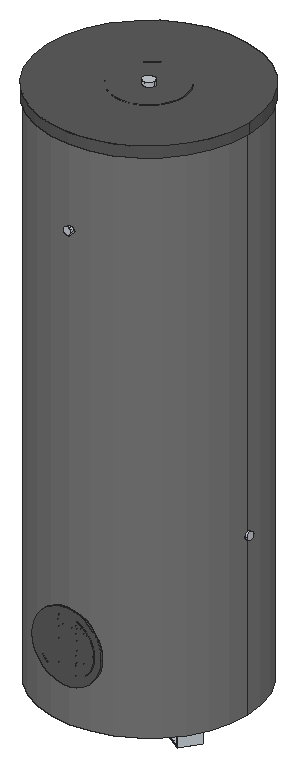
Revit family "Бойлер косвенного нагрева_STEEL Coil Tube FBS-B_FedericaBugatti_R20", category Оборудование, Revit 2020
Family settings
  Размер круглого соединителя = Использовать диаметр
  Классификация = Нет
  Тип детали = Нормальный
  На основе рабочей плоскости = Нет
  Всегда вертикально = Да
  При загрузке вырезать с полостями = Нет
  Общий = Нет
  Точка расчета площади = Да
Parameters (values of type "FBS-B_250")
  УказательТемпературы_Высота = 1327 mm
  Патрубки_Высота = 10 mm  # constant formula
  Отметка по умолчанию = 0 mm
  Номинальный_Объем = 250
  Материал_Термометр = ADSK_Полимеры_Пластик белый
  Материал_Патрубки = ADSK_Металл_Сталь нержавеющая
  Материал_Ножки = ADSK_Металл_Сталь оцинкованная
  Материал_ВнешняяСтенка = ADSK_Полимеры_Пластик черный
  Материал_КорпусВерх = ADSK_Металл_Окрашенный_Черный темный
  Корпус_Диаметр2 = ADSK_Размер_ДиаметрИзделия - 6 mm  # 579 mm
  Корпус_Диаметр = Корпус_Диаметр2 - 10 mm  # 569 mm
  ДатчикТемпературы_Видимость [instance] = no
  L5 = 1325 mm
  L4 = 1225 mm
  L3 = 925 mm
  L2 = 625 mm
  L1 = 175 mm  # constant formula
  ADSK_Расход жидкости [instance] = 0.0 L/s
  ADSK_Размер_ДиаметрИзделия = 585 mm  # constant formula
  ADSK_Размер_Диаметр = 20 mm  # constant formula
  ADSK_Размер_Высота = 1590 mm
  ADSK_Примечание [instance] = ""
  ADSK_Полная мощность = ADSK_Номинальная мощность / ADSK_Коэффициент мощности  # 29000 VA
  ADSK_Позиция [instance] = ""
  ADSK_Обозначение = ""
  ADSK_Номинальная мощность = 29000 W
  ADSK_Напряжение = 230 V  # constant formula
  ADSK_Наименование = "Бойлер косвенного нагрева STEEL Coil Tube FBS-B 250"
  ADSK_Масса_Текст = "60"
  ADSK_Масса = 60
  ADSK_Марка = "Steel Coil Tube FBS-B 250"
  ADSK_Коэффициент мощности = 1  # constant formula
  ADSK_Количество фаз = 1
  ADSK_Количество = 1  # constant formula
  ADSK_Код изделия = ""
  ADSK_Классификация нагрузок = Прочее
  ADSK_Завод-изготовитель = "Federica Bugatti"  # constant formula
  ADSK_Единица измерения = "шт"  # constant formula
Types (4, lengths in mm): name | УказательТемпературы_Высота | Номинальный_Объем | ДатчикТемпературы_Видимость | L5 | L4 | L3 | L2 | ADSK_Размер_Высота | ADSK_Полная мощность | ADSK_Номинальная мощность | ADSK_Наименование | ADSK_Масса_Текст | ADSK_Масса | ADSK_Марка
  (no name) | 1327 | 250 | no | 1325 | 1225 | 925 | 625 | 1590 | 29000 VA | 29000 W | "Бойлер косвенного нагрева STEEL Coil Tube FBS-B 250" | "60" | 60 | "Steel Coil Tube FBS-B 250"
  FBS-B_150 | 797 | 150 | yes | 775 | 675 | 475 | 275 | 1040 | 17000 VA | 17000 W | "Бойлер косвенного нагрева STEEL Coil Tube FBS-B 150" | "45" | 45 | "Steel Coil Tube FBS-B 150"
  FBS-B_200 | 1077 | 200 | yes | 1075 | 975 | 715 | 455 | 1340 | 29000 VA | 29000 W | "Бойлер косвенного нагрева STEEL Coil Tube FBS-B 200" | "49" | 49 | "Steel Coil Tube FBS-B 200"
  FBS-B_250 | 1327 | 250 | no | 1325 | 1225 | 925 | 625 | 1590 | 29000 VA | 29000 W | "Бойлер косвенного нагрева STEEL Coil Tube FBS-B 250" | "60" | 60 | "Steel Coil Tube FBS-B 250"
Reference planes
  plane 1 "По центру (Вперед/Назад)": y = 0
  plane 2: z = 0
  plane 3 "По центру (Влево/Вправо)": x = 0
  plane 4: x = -292.5
  plane 5: x = 292.5
  plane 6: y = 292.5
  plane 7: y = -293.5
  plane 8: z = 1580
  plane 9: z = 1550
  plane 10: z = 1590
  plane 11: z = 1575
  plane 12: y = 259.5
  plane 13: y = 234.5
  plane 14: z = 50
  plane 15: z = 150
  plane 16: y = 284.5
  plane 17: y = -284.5
  plane 18: z = 795
  plane 19: z = 1415
  plane 20: z = 265
  plane 21: z = 965
  plane 22: z = 665
  plane 23: z = 365
  plane 24: y = -237.5
  plane 25: y = -296.5
  plane 26: x = 282.5
  plane 27: y = -292.5
  plane 28: y = -296.5
  plane 29: z = 1327
  plane 30: z = 257
  plane 31: z = 515
Forms (mm)
  Extrusion 1, solid, material "ADSK_Полимеры_Пластик черный" <- "Материал_ВнешняяСтенка"
    sketch origin (0, 0, 0) x (1, 0, 0) y (0, 1, 0)
      loop
        circle (0, 0) r 284.5
    from 50 to 1550
  Extrusion 2, solid, material "ADSK_Металл_Окрашенный_Черный темный" <- "Материал_КорпусВерх"
    sketch origin (0, 0, 0) x (1, 0, 0) y (0, 1, 0)
      loop
        circle (0, 0) r 289.5
    from 1550 to 1580
  Extrusion 3, solid, material "ADSK_Металл_Окрашенный_Черный темный" <- "Материал_КорпусВерх"
    sketch origin (0, 0, 0) x (1, 0, 0) y (0, 1, 0)
      loop
        circle (0, 0) r 100
    from 1575 to 1580
  Extrusion 4, solid, material "ADSK_Полимеры_Пластик черный" <- "Материал_ВнешняяСтенка"
    sketch origin (0, 0, 0) x (1, 0, 0) y (0, 0, 1)
      loop
        circle (0, 150) r 1.5
    from -284.5 to -281.5
  Extrusion 5, solid, material "ADSK_Металл_Сталь нержавеющая" <- "Материал_Патрубки"
    sketch origin (0, 0, 0) x (1, 0, 0) y (0, 1, 0)
      loop
        circle (0, 0) r 16.75
    from 795 to 1590
  Extrusion 6, solid, material "ADSK_Металл_Окрашенный_Черный темный" <- "Материал_КорпусВерх"
    sketch origin (0, 0, 0) x (1, 0, 0) y (0, 0, 1)
      loop
        circle (0, 257) r 100
    from 293.5 to 296.5
  Extrusion 7, solid, material "ADSK_Металл_Окрашенный_Черный темный" <- "Материал_КорпусВерх"
    sketch origin (0, 0, 0) x (1, 0, 0) y (0, 0, 1)
      loop
        circle (0, 257) r 80
    from 246.5 to 296.5
  Extrusion 8, solid, material "ADSK_Металл_Сталь нержавеющая" <- "Материал_Патрубки"
    sketch origin (0, 0, 0) x (1, 0, 0) y (0, 0, 1)
      loop
        circle (0, 1415) r 13.4
      loop
        circle (0, 965) r 16.75
      loop
        circle (0, 665) r 13.4
      loop
        circle (0, 365) r 16.75
      loop
        circle (0, 265) r 13.4
    from -292.5 to -259.5
  Extrusion 9, solid, material "ADSK_Металл_Сталь нержавеющая" <- "Материал_Патрубки"
    sketch origin (0, 0, 0) x (1, 0, 0) y (0, 0, 1)
      loop
        circle (0, 1327) r 10.65
    from 237.5 to 292.5
  Extrusion 10, solid, material "ADSK_Металл_Сталь оцинкованная" <- "Материал_Ножки"
    sketch origin (0, 0, 0) x (0, 1, 0) y (0, 0, 1)
      loop
        line (257.5, 5) -> (257.5, 50) -> (187.5, 50) -> (187.5, 5) -> (257.5, 5)
      loop
        line (252.5, 10) -> (252.5, 45) -> (192.5, 45) -> (192.5, 10) -> (252.5, 10)
    from -30 to 30
  Extrusion 11, solid, material "ADSK_Металл_Окрашенный_Черный темный" <- "Материал_КорпусВерх"
    sketch origin (0, 0, 0) x (1, 0, 0) y (0, 1, 0)
      loop
        circle (0, 222.5) r 25
    from 0 to 5
  Extrusion 12, solid, material "ADSK_Металл_Окрашенный_Черный темный" <- "Материал_КорпусВерх"
    sketch origin (0, 0, 0) x (1, 0, 0) y (0, 1, 0)
      loop
        circle (0, 222.5) r 5
    from 0 to 50
  Extrusion 13, solid, material "ADSK_Металл_Сталь оцинкованная" <- "Материал_Ножки"
    sketch origin (0, 0, 0) x (0.866025, -0.5, 0) y (0, 0, 1)
      loop
        line (257.5, 5) -> (257.5, 50) -> (187.5, 50) -> (187.5, 5) -> (257.5, 5)
      loop
        line (252.5, 10) -> (252.5, 45) -> (192.5, 45) -> (192.5, 10) -> (252.5, 10)
    from -30 to 30
  Extrusion 14, solid, material "ADSK_Металл_Окрашенный_Черный темный" <- "Материал_КорпусВерх"
    sketch origin (0, 0, 0) x (-0.5, -0.866025, 0) y (0.866025, -0.5, 0)
      loop
        circle (0, 222.5) r 25
    from 0 to 5
  Extrusion 15, solid, material "ADSK_Металл_Окрашенный_Черный темный" <- "Материал_КорпусВерх"
    sketch origin (0, 0, 0) x (-0.5, -0.866025, 0) y (0.866025, -0.5, 0)
      loop
        circle (0, 222.5) r 5
    from 0 to 50
  Extrusion 16, solid, material "ADSK_Металл_Сталь оцинкованная" <- "Материал_Ножки"
    sketch origin (0, 0, 0) x (-0.866025, -0.5, 0) y (0, 0, 1)
      loop
        line (257.5, 5) -> (257.5, 50) -> (187.5, 50) -> (187.5, 5) -> (257.5, 5)
      loop
        line (252.5, 10) -> (252.5, 45) -> (192.5, 45) -> (192.5, 10) -> (252.5, 10)
    from -30 to 30
  Extrusion 17, solid, material "ADSK_Металл_Окрашенный_Черный темный" <- "Материал_КорпусВерх"
    sketch origin (0, 0, 0) x (-0.5, 0.866025, 0) y (-0.866025, -0.5, 0)
      loop
        circle (0, 222.5) r 25
    from 0 to 5
  Extrusion 18, solid, material "ADSK_Металл_Окрашенный_Черный темный" <- "Материал_КорпусВерх"
    sketch origin (0, 0, 0) x (-0.5, 0.866025, 0) y (-0.866025, -0.5, 0)
      loop
        circle (0, 222.5) r 5
    from 0 to 50
  Extrusion 19, solid, material "ADSK_Металл_Окрашенный_Черный темный" <- "Материал_КорпусВерх", visible <- "ДатчикТемпературы_Видимость"
    sketch origin (0, 0, 0) x (1, 0, 0) y (0, 0, 1)
      loop
        circle (0, 1327) r 20
      loop
        circle (0, 1327) r 18
    from 292.5 to 296.5
  Extrusion 20, solid, material "ADSK_Полимеры_Пластик белый" <- "Материал_Термометр", visible <- "ДатчикТемпературы_Видимость"
    sketch origin (0, -89.275, 0) x (1, 0, 0) y (0, 0, 1)
      loop
        circle (0, 1327) r 18
    from 205.925 to 203.225
  Extrusion 21, solid, material "ADSK_Полимеры_Пластик черный" <- "Материал_ВнешняяСтенка", visible <- "ДатчикТемпературы_Видимость"
    sketch origin (0, 8, 0) x (1, 0, 0) y (0, 0, 1)
      loop
        arc (-1.402, 1328.426) -> (-0.045, 1325.001) -> (1.466, 1328.361) r 2
        line (1.466, 1328.361) -> (0, 1340.297) -> (-1.402, 1328.426)
    from 301.5 to 304.5
  Extrusion 22, solid, material "ADSK_Металл_Сталь нержавеющая" <- "Материал_Патрубки"
    sketch origin (0, 0, 0) x (1, 0, 0) y (0, 1, 0)
      loop
        circle (0, 0) r 21.15
    from 25 to 150
  Extrusion 23, solid, material "ADSK_Металл_Сталь нержавеющая" <- "Материал_Патрубки"
    sketch origin (0, 0, 0) x (0, 1, 0) y (0, 0, 1)
      loop
        circle (0, 515) r 10.65
    from 242.5 to 292.5
Dimensions and locks
  equal spacing: plane 4, plane 3 "По центру (Влево/Вправо)", plane 5
  "ADSK_Размер_ДиаметрИзделия": plane 4 to plane 5
  locked: plane 8 to plane 9 at 30
  "Патрубки_Высота": plane 10 to plane 8
  locked: plane 8 to plane 11 at 5
  plane 12 to plane 13 = 25 mm
  plane 14 to plane 2 = 50 mm
  "ADSK_Размер_Высота": plane 10 to plane 2
  locked: plane 15 to plane 14 at 100
  "Корпус_Диаметр": plane 16 to plane 17
  equal spacing: plane 16, plane 1 "По центру (Вперед/Назад)", plane 17
  equal spacing: plane 10, plane 18, plane 2
  plane 13 to plane 16 = 50 mm
  equal spacing: plane 16, plane 12, plane 13
  plane 21 to plane 22 = 300 mm
  locked: plane 26 to plane 5 at 10
  equal spacing: Extrusion 10, plane 3 "По центру (Влево/Вправо)", Extrusion 10
  locked: Extrusion 10 to Extrusion 10 at 60
  locked: Extrusion 13 to Extrusion 13 at 60
  locked: Extrusion 16 to Extrusion 16 at 60
  locked: plane 16 to Extrusion 4 at 3
  locked: plane 1 "По центру (Вперед/Назад)" to plane 6 at 292.5
  locked: plane 7 to plane 25 at 3
  plane 1 "По центру (Вперед/Назад)" to plane 25 = 296.5 mm
  locked: Extrusion 7 to plane 25 at 50
  locked: plane 27 to plane 1 "По центру (Вперед/Назад)" at 292.5
  locked: plane 27 to plane 28 at 4
  locked: plane 30 to plane 2 at 257
  "УказательТемпературы_Высота": plane 29 to plane 2
  Extrusion 21 sketch curve to plane 29 = 13.297 mm
  locked: Extrusion 22 to plane 2 at 25
  equal spacing: plane 22, plane 31, plane 23
  locked: Extrusion 23 to plane 5 at 50
  "L2": plane 10 to plane 21
  "L3": plane 10 to plane 22
  "L4": plane 10 to plane 23
  "L5": plane 10 to plane 20
  "L1": plane 10 to plane 19
  "Корпус_Диаметр": diameter of Extrusion 1 sketch curve
  "Корпус_Диаметр2": diameter of Extrusion 2 sketch curve
  diameter of Extrusion 3 sketch curve = 200 mm
  diameter of Extrusion 4 sketch curve = 3 mm
  diameter of Extrusion 5 sketch curve = 33.5 mm
  diameter of Extrusion 8 sketch curve = 26.8 mm  (x3)
  diameter of Extrusion 8 sketch curve = 33.5 mm  (x2)
  diameter of Extrusion 9 sketch curve = 21.3 mm
  diameter of Extrusion 22 sketch curve = 42.3 mm
  diameter of Extrusion 23 sketch curve = 21.3 mm
  aligned and locked: level to plane 2
  aligned and locked: plane 1 "По центру (Вперед/Назад)" to Extrusion 1 sketch curve
  aligned and locked: plane 3 "По центру (Влево/Вправо)" to Extrusion 1 sketch curve
  aligned and locked: plane 1 "По центру (Вперед/Назад)" to Extrusion 2 sketch curve
  aligned and locked: plane 3 "По центру (Влево/Вправо)" to Extrusion 2 sketch curve
  aligned and locked: Extrusion 1 to plane 9
  aligned and locked: plane 8 to Extrusion 2
  aligned and locked: plane 9 to Extrusion 2
  aligned and locked: plane 1 "По центру (Вперед/Назад)" to Extrusion 3 sketch curve
  aligned and locked: plane 3 "По центру (Влево/Вправо)" to Extrusion 3 sketch curve
  aligned and locked: plane 8 to Extrusion 3
  aligned and locked: plane 11 to Extrusion 3
  aligned and locked: plane 14 to Extrusion 1
  aligned and locked: plane 15 to Extrusion 4 sketch curve
  aligned and locked: plane 3 "По центру (Влево/Вправо)" to Extrusion 4 sketch curve
  aligned and locked: Extrusion 4 to plane 16  (x2)
  aligned and locked: plane 18 to Extrusion 5
  aligned and locked: plane 10 to Extrusion 5
  aligned and locked: plane 3 "По центру (Влево/Вправо)" to Extrusion 6 sketch curve
  aligned and locked: plane 3 "По центру (Влево/Вправо)" to Extrusion 7 sketch curve
  aligned and locked: plane 25 to Extrusion 6
  aligned and locked: plane 19 to Extrusion 8 sketch curve
  aligned and locked: plane 21 to Extrusion 8 sketch curve
  aligned and locked: plane 22 to Extrusion 8 sketch curve
  aligned and locked: plane 23 to Extrusion 8 sketch curve
  aligned and locked: plane 20 to Extrusion 8 sketch curve
  aligned and locked: plane 3 "По центру (Влево/Вправо)" to Extrusion 8 sketch curve  (x5)
  aligned and locked: plane 3 "По центру (Влево/Вправо)" to Extrusion 9 sketch curve
  aligned and locked: Extrusion 9 to plane 24
  aligned and locked: plane 12 to Extrusion 8
  aligned and locked: plane 6 to Extrusion 8
  aligned and locked: Extrusion 11 to Extrusion 10
  aligned and locked: Extrusion 11 to level
  aligned and locked: Extrusion 12 to Extrusion 1
  aligned and locked: Extrusion 12 to level
  aligned and locked: Extrusion 14 to Extrusion 13
  aligned and locked: Extrusion 17 to Extrusion 16
  aligned and locked: plane 3 "По центру (Влево/Вправо)" to Extrusion 19 sketch curve  (x2)
  aligned and locked: Extrusion 6 to plane 7
  aligned and locked: plane 25 to Extrusion 7
  aligned and locked: Extrusion 9 to Extrusion 19
  aligned and locked: plane 27 to Extrusion 19
  aligned and locked: plane 28 to Extrusion 19
  aligned and locked: plane 28 to Extrusion 21
  aligned and locked: plane 29 to Extrusion 19 sketch curve  (x2)
  aligned and locked: plane 29 to Extrusion 20 sketch curve
  aligned and locked: plane 29 to Extrusion 21 sketch curve
  aligned and locked: plane 3 "По центру (Влево/Вправо)" to Extrusion 21 sketch curve
  aligned and locked: plane 29 to Extrusion 9 sketch curve
  aligned and locked: plane 30 to Extrusion 7 sketch curve
  aligned and locked: plane 30 to Extrusion 6 sketch curve
  aligned and locked: plane 1 "По центру (Вперед/Назад)" to Extrusion 22 sketch curve
  aligned and locked: plane 3 "По центру (Влево/Вправо)" to Extrusion 22 sketch curve
  aligned and locked: plane 15 to Extrusion 22
  aligned and locked: plane 31 to Extrusion 23 sketch curve
  aligned and locked: plane 1 "По центру (Вперед/Назад)" to Extrusion 23 sketch curve
  aligned and locked: Extrusion 23 to plane 5
  aligned and locked: plane 25 to plane 28
  aligned and locked: Extrusion 20 to Extrusion 9
  aligned and locked: Extrusion 21 to plane 7
Automatic sketch dimensions
  Extrusion 10 sketch curve to Extrusion 10 sketch curve = 5 mm  (x4)
  Extrusion 10 sketch curve to Extrusion 10 sketch curve = 60 mm
  Extrusion 10 sketch curve to Extrusion 10 sketch curve = 35 mm
  Extrusion 13 sketch curve to Extrusion 13 sketch curve = 5 mm  (x4)
  Extrusion 13 sketch curve to Extrusion 13 sketch curve = 60 mm
  Extrusion 13 sketch curve to Extrusion 13 sketch curve = 35 mm
  Extrusion 16 sketch curve to Extrusion 16 sketch curve = 5 mm  (x4)
  Extrusion 16 sketch curve to Extrusion 16 sketch curve = 60 mm
  Extrusion 16 sketch curve to Extrusion 16 sketch curve = 35 mm
  plane 1 "По центру (Вперед/Назад)" to Extrusion 5 sketch curve = 0 mm
  Extrusion 5 sketch curve to plane 3 "По центру (Влево/Вправо)" = 0 mm
  Extrusion 20 sketch curve to plane 3 "По центру (Влево/Вправо)" = 0 mm
  Extrusion 21 sketch curve to plane 3 "По центру (Влево/Вправо)" = 0 mm
  Extrusion 21 sketch curve to plane 3 "По центру (Влево/Вправо)" = 1.402 mm
  plane 3 "По центру (Влево/Вправо)" to Extrusion 21 sketch curve = 1.466 mm
  Extrusion 21 sketch curve to plane 29 = 1.361 mm
  radius of Extrusion 11 sketch curve = 25 mm
  radius of Extrusion 12 sketch curve = 5 mm
  radius of Extrusion 14 sketch curve = 25 mm
  radius of Extrusion 15 sketch curve = 5 mm
  radius of Extrusion 17 sketch curve = 25 mm
  radius of Extrusion 18 sketch curve = 5 mm
  radius of Extrusion 6 sketch curve = 100 mm
  radius of Extrusion 7 sketch curve = 80 mm
  radius of Extrusion 19 sketch curve = 20 mm
  radius of Extrusion 19 sketch curve = 18 mm
  radius of Extrusion 20 sketch curve = 18 mm
Connectors
  electrical at (0, 284.5, 150), driven by "ADSK_Количество фаз", driven by "ADSK_Классификация нагрузок", driven by "ADSK_Напряжение", driven by "ADSK_Полная мощность", driven by "ADSK_Коэффициент мощности"
    settings: on Extrusion 4, index 1, voltage 230 V, apparent load 29000 VA, apparent load phase1 0 VA, apparent load phase2 0 VA, apparent load phase3 0 VA, power factor 1, load classification "Прочее", number of poles 1, system type 30, power factor state 1, is connector primary yes, connector utility no, sub classification motor no, connector description ""
  piping at (0, 292.5, 1415), diameter 20, driven by "ADSK_Расход жидкости", driven by "ADSK_Размер_Диаметр"
    settings: on Extrusion 8, index 2, connector inside diameter 609.6 mm, connector length 0 mm, flow factor 0, pipe flow 0.0 L/s, pressure drop 0.0 Pa, fitting loss kfactor 0, connector angle 0.00°, fixture units 0, engagement length 0 mm, angle of deflection 0.00°, flow configuration 0, flow direction 2, fitting loss method 0, system type 19, joint type 0, gender type 0, connector reference index 6, connector utility 0, adjustable connector no, is connector primary no, connector description "Выход ГВС"
  piping at (0, 292.5, 965), diameter 25
    settings: on Extrusion 8, index 3, connector inside diameter 609.6 mm, connector length 0 mm, flow factor 0, pipe flow 0.0 L/s, pressure drop 0.0 Pa, fitting loss kfactor 0, connector angle 0.00°, fixture units 0, engagement length 0 mm, angle of deflection 0.00°, flow configuration 0, flow direction 1, fitting loss method 0, system type 29, joint type 0, gender type 0, connector reference index 5, connector utility 0, adjustable connector no, is connector primary no, connector description "От котла"
  piping at (0, 292.5, 665), diameter 20, driven by "ADSK_Размер_Диаметр"
    settings: on Extrusion 8, index 4, connector inside diameter 609.6 mm, connector length 0 mm, flow factor 0, pipe flow 0.0 L/s, pressure drop 0.0 Pa, fitting loss kfactor 0, connector angle 0.00°, fixture units 0, engagement length 0 mm, angle of deflection 0.00°, flow configuration 0, flow direction 1, fitting loss method 0, system type 7, joint type 0, gender type 0, connector reference index -1, connector utility 0, adjustable connector no, is connector primary no, connector description "Рециркуляция"
  piping at (0, 292.5, 365), diameter 25
    settings: on Extrusion 8, index 5, connector inside diameter 609.6 mm, connector length 0 mm, flow factor 0, pipe flow 0.0 L/s, pressure drop 0.0 Pa, fitting loss kfactor 0, connector angle 0.00°, fixture units 0, engagement length 0 mm, angle of deflection 0.00°, flow configuration 0, flow direction 2, fitting loss method 0, system type 29, joint type 0, gender type 0, connector reference index 3, connector utility 0, adjustable connector no, is connector primary no, connector description "К котлу"
  piping at (0, 292.5, 265), diameter 20, driven by "ADSK_Расход жидкости", driven by "ADSK_Размер_Диаметр"
    settings: on Extrusion 8, index 6, connector inside diameter 609.6 mm, connector length 0 mm, flow factor 0, pipe flow 0.0 L/s, pressure drop 0.0 Pa, fitting loss kfactor 0, connector angle 0.00°, fixture units 0, engagement length 0 mm, angle of deflection 0.00°, flow configuration 0, flow direction 1, fitting loss method 0, system type 20, joint type 0, gender type 0, connector reference index 2, connector utility 0, adjustable connector no, is connector primary yes, connector description "Вход ХВС"
  piping at (0, 0, 25), diameter 32
    settings: on Extrusion 22, index 7, connector inside diameter 609.6 mm, connector length 0 mm, flow factor 0, pipe flow 0.0 L/s, pressure drop 0.0 Pa, fitting loss kfactor 0, connector angle 0.00°, fixture units 0, engagement length 0 mm, angle of deflection 0.00°, flow configuration 0, flow direction 0, fitting loss method 0, system type 29, joint type 0, gender type 0, connector reference index -1, connector utility 0, adjustable connector no, is connector primary no, connector description ""
  piping at (292.5, 0, 515), diameter 15
    settings: on Extrusion 23, index 8, connector inside diameter 609.6 mm, connector length 0 mm, flow factor 0, pipe flow 0.0 L/s, pressure drop 0.0 Pa, fitting loss kfactor 0, connector angle 0.00°, fixture units 0, engagement length 0 mm, angle of deflection 0.00°, flow configuration 0, flow direction 0, fitting loss method 0, system type 29, joint type 0, gender type 0, connector reference index -1, connector utility 0, adjustable connector no, is connector primary no, connector description ""
  piping at (0, -292.5, 1327), diameter 15
    settings: on Extrusion 9, index 9, connector inside diameter 609.6 mm, connector length 0 mm, flow factor 0, pipe flow 0.0 L/s, pressure drop 0.0 Pa, fitting loss kfactor 0, connector angle 0.00°, fixture units 0, engagement length 0 mm, angle of deflection 0.00°, flow configuration 0, flow direction 0, fitting loss method 0, system type 28, joint type 0, gender type 0, connector reference index -1, connector utility 0, adjustable connector no, is connector primary no, connector description "Муфта указателя температуры"
  piping at (0, -296.5, 257), diameter 32
    settings: on Extrusion 7, index 10, connector inside diameter 609.6 mm, connector length 0 mm, flow factor 0, pipe flow 0.0 L/s, pressure drop 0.0 Pa, fitting loss kfactor 0, connector angle 0.00°, fixture units 0, engagement length 0 mm, angle of deflection 0.00°, flow configuration 0, flow direction 0, fitting loss method 0, system type 29, joint type 0, gender type 0, connector reference index -1, connector utility 0, adjustable connector no, is connector primary no, connector description "Муфта ТЭН"
